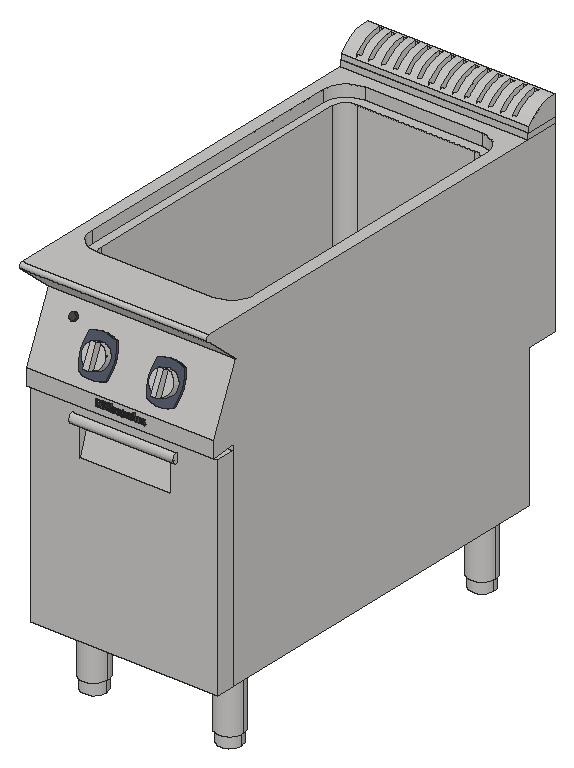
Revit family "QF_ELECTROLUXPROFESSIONAL_391273_E9PCED1MFV", category Specialty Equipment, Revit 2018
Family settings
  Round Connector Dimension = Use Diameter
  Part Type = Normal
  Work Plane-Based = No
  Always vertical = Yes
  Cut with Voids When Loaded = No
  Shared = No
  Room Calculation Point = No
Parameters (values of type "Standard")
  Weight = 62.00 kg
  Watts = 0 W
  Volts = 380 V
  URL Manufacturer = "http://professional.electrolux.com"
  URL = "http://professional.electrolux.com"
  Steam Supply Size = 0"
  Steam Supply Minimum Pressure = 0.00 psi
  Steam Supply Maximum Pressure = 0.00 psi
  Steam Pounds per Hour = 0
  Show Logo [instance] = yes
  Show Clearance [instance] = yes
  Refrigeration Suction Line Size = 0 mm
  Refrigeration Liquid Line Size = 0 mm
  Refrigerant Compressor Remote = yes
  Phase = 3
  Model = "E9PCED1MFV"
  Manufacturer = "Electrolux Professional"
  Length Actual = 400 mm  # constant formula
  Item Number = "391273"
  Hot Water Size = 0"
  Height Actual = 850 mm  # constant formula
  HP = "13.4 HP"
  Gas Size = 0"
  Gas KW = 0
  Gas Input Pressure = 0.0 Btu/h
  Direct Waste Size = 1"
  Description = "ELECTRIC PASTA COOKER1X40LT WELL W/ESD"
  Depth Actual = 930 mm  # constant formula
  Cycle = 50 Hz
  Condensate Return Size = 0"
  Compressed Air Volume = 0 GPM
  Compressed Air Size = 0"
  Compressed Air Pressure = 0.00 psi
  Cold Water Size = 3/4"
  Accessory = yes
Reference planes
  plane 1 "BACK": y = 0
  plane 2: z = 0
  plane 3 "LEFT": x = 0
  plane 4 "RIGHT": x = 400
  plane 5 "FRONT": y = -930
  plane 6 "TOP": z = 908
  plane 7 "Center Y": x = 200
  plane 8 "Center X": y = -465
  plane 9 "BASE": z = 601.763
  plane 10 "TOP A": z = 851
  plane 11: z = 150
  plane 12: y = -126
  plane 13: y = -800
  plane 14: y = -1273
  plane 15: x = 345
  plane 16: x = 55
  plane 17: y = -1273
  plane 18: x = 232
  plane 19: x = 334.782
  plane 20: x = 240
  plane 21: x = 240
Forms (mm)
  Extrusion 1, solid, material "QF_Finishes_Stainless Steel"
    sketch origin (0, 0, 0) x (0, 1, 0) y (0, 0, 1)
      loop
        line (0, 851) -> (-923.65, 851)
        arc (-923.65, 851) -> (-929.517, 847.08) -> (-928.14, 840.16) r 6.35
        line (-928.14, 840.16) -> (-852.034, 773.495) -> (-912.145, 642.892) -> (-912.145, 608.853) -> (-858.773, 614.463) -> (-858.773, 150) -> (-70, 150) -> (-70, 451.763) -> (0, 451.763) -> (0, 851)
      loop
        line (-900, 601.763) -> (-900, 150) -> (-860.361, 150) -> (-860.361, 601.763) -> (-900, 601.763)
    from 0 to 400
  Extrusion 2, void
    sketch origin (0, 0, 851) x (-1, 0, 0) y (0, -1, 0)
      loop
        arc (-75, 101.89) -> (-39.645, 116.535) -> (-25, 151.89) r 50
        line (-25, 151.89) -> (-25, 770)
        arc (-25, 770) -> (-39.645, 805.355) -> (-75, 820) r 50
        line (-75, 820) -> (-325, 820)
        arc (-325, 820) -> (-360.355, 805.355) -> (-375, 770) r 50
        line (-375, 770) -> (-375, 151.89)
        arc (-375, 151.89) -> (-360.355, 116.535) -> (-325, 101.89) r 50
        line (-325, 101.89) -> (-75, 101.89)
    from 0 to -25
  Extrusion 3, solid, material "QF_Clearances", visible <- "Show Clearance", detail levels coarse
    sketch origin (0, 0, 0) x (1, 0, 0) y (0, 1, 0)
      loop
        line (0, -930) -> (0, 0) -> (400, 0) -> (400, -930) -> (550.019, -930) -> (550.019, 150.019) -> (-150.019, 150.019) -> (-150.019, -930) -> (0, -930)
    from 0 to 908
  Revolve 4, solid, material "QF_Finishes_Stainless Steel"
    sketch origin (0, -126, 608.09) x (0, 0, 1) y (-1, 0, 0)
      loop
        line (-608.09, -55) -> (-458.09, -55) -> (-458.09, -26) -> (-583.09, -26) -> (-583.09, -28.75) -> (-608.09, -28.75) -> (-608.09, -55)
      axis (-608.09, -55) -> (-458.09, -55)
    angle from 0 to 360
  Revolve 5, solid, material "QF_Finishes_Stainless Steel"
    sketch origin (400.05, -126, 608.09) x (0, 0, 1) y (-1, 0, 0)
      loop
        line (-608.09, 55.05) -> (-608.09, 29.8) -> (-583.09, 29.8) -> (-583.09, 26.05) -> (-458.09, 26.05) -> (-458.09, 55.05) -> (-608.09, 55.05)
      axis (-608.09, 55.05) -> (-458.09, 55.05)
    angle from 0 to 360
  Extrusion 6, solid, material "QF_Door-Drawer Clearances", visible <- "Show Clearance", detail levels coarse
    sketch origin (0, 0, 851) x (-1, 0, 0) y (0, -1, 0)
      loop
        line (-400, 1273) -> (-400, 900) -> (-0.912, 900)
        arc (-0.912, 900) -> (-126.87, 1165.233) -> (-400, 1273) r 400
    from -701 to -249.237
  Revolve 7, solid, material "QF_Finishes_Stainless Steel"
    sketch origin (400.05, -800, 608.09) x (0, 0, 1) y (-1, 0, 0)
      loop
        line (-608.09, 55.05) -> (-608.09, 29.8) -> (-583.09, 29.8) -> (-583.09, 26.05) -> (-458.09, 26.05) -> (-458.09, 55.05) -> (-608.09, 55.05)
      axis (-608.09, 55.05) -> (-458.09, 55.05)
    angle from 0 to 360
  Extrusion 8, solid, material "QF_Finishes_Stainless Steel"
    sketch origin (200, 0, 0) x (0, 1, 0) y (0, 0, 1)
      loop
        line (-71.89, 863.9) -> (-71.89, 851) -> (0, 851) -> (0, 863.9) -> (-71.89, 863.9)
    from -200 to 200
  Extrusion 9, void
    sketch origin (200, -12.863, 0) x (0, 1, 0) y (0, 0, 1)
      loop
        line (-887.138, 564.263) -> (-887.138, 500.55) -> (-863.948, 564.263) -> (-887.138, 564.263)
    from -96.424 to 99.144
  Extrusion 10, solid, material "QF_Finishes_Stainless Steel"
    sketch origin (200, -12.863, 22.5) x (0, 1, 0) y (0, 0, 1)
      loop
        line (-887.137, 541.763) -> (-887.137, 561.763)
        arc (-887.137, 561.763) -> (-897.137, 551.763) -> (-887.137, 541.763) r 10
    from -110.529 to 112.106
  Revolve 11, solid, material "QF_Finishes_Stainless Steel"
    sketch origin (0, -800, 608.09) x (0, 0, 1) y (1, 0, 0)
      loop
        line (-608.09, 55) -> (-608.09, 28.75) -> (-583.09, 28.75) -> (-583.09, 26) -> (-458.09, 26) -> (-458.09, 55) -> (-608.09, 55)
      axis (-608.09, 55) -> (-458.09, 55)
    angle from 0 to 360
  Extrusion 12, solid, material "QF_Finishes_Stainless Steel"
    sketch origin (0, 0, 574.263) x (0, 1, 0) y (0, 0, 1)
      loop
        line (0, 289.638) -> (0, 333.737)
        arc (0, 333.737) -> (-39.336, 326.03) -> (-69.85, 300.038) r 79.141
        line (-69.85, 300.038) -> (-69.85, 289.638) -> (0, 289.638)
    from 0 to 400
  Extrusion 13, void
    sketch origin (0, 0, 848.9) x (0, -1, 0) y (1, 0, 0)
      loop
        line (6.761, 28.703) -> (63.911, 28.703) -> (63.911, 37.999) -> (6.761, 37.999) -> (6.761, 28.703)
      loop
        line (63.911, 63.487) -> (6.761, 63.487) -> (6.761, 54.191) -> (63.911, 54.191) -> (63.911, 63.487)
      loop
        line (63.911, 89.975) -> (6.761, 89.975) -> (6.761, 80.68) -> (63.911, 80.68) -> (63.911, 89.975)
      loop
        line (63.911, 115.464) -> (6.761, 115.464) -> (6.761, 106.168) -> (63.911, 106.168) -> (63.911, 115.464)
      loop
        line (63.911, 140.952) -> (6.761, 140.952) -> (6.761, 131.656) -> (63.911, 131.656) -> (63.911, 140.952)
      loop
        line (63.911, 166.44) -> (6.761, 166.44) -> (6.761, 157.145) -> (63.911, 157.145) -> (63.911, 166.44)
      loop
        line (63.911, 191.929) -> (6.761, 191.929) -> (6.761, 182.633) -> (63.911, 182.633) -> (63.911, 191.929)
      loop
        line (63.911, 217.417) -> (6.761, 217.417) -> (6.761, 208.121) -> (63.911, 208.121) -> (63.911, 217.417)
      loop
        line (63.911, 242.905) -> (6.761, 242.905) -> (6.761, 233.61) -> (63.911, 233.61) -> (63.911, 242.905)
      loop
        line (63.911, 268.394) -> (6.761, 268.394) -> (6.761, 259.098) -> (63.911, 259.098) -> (63.911, 268.394)
      loop
        line (63.911, 293.882) -> (6.761, 293.882) -> (6.761, 284.586) -> (63.911, 284.586) -> (63.911, 293.882)
      loop
        line (63.911, 319.37) -> (6.761, 319.37) -> (6.761, 310.075) -> (63.911, 310.075) -> (63.911, 319.37)
      loop
        line (63.911, 345.859) -> (6.761, 345.859) -> (6.761, 336.563) -> (63.911, 336.563) -> (63.911, 345.859)
      loop
        line (63.911, 370.347) -> (6.761, 370.347) -> (6.761, 361.051) -> (63.911, 361.051) -> (63.911, 370.347)
    from 25.4 to 63.5
  Extrusion 14, solid, material "QF_Finishes_Navy Blue", visible <- "Show Logo"
    sketch origin (0, -912.145, 608.853) x (0, 0, 1) y (-1, 0, 0)
      loop
        line (27.359, -159.055) -> (14.993, -159.055)
        arc (14.993, -159.055) -> (21.176, -163.626) -> (27.359, -159.055) r 6.467
      loop
        arc (27.359, -158.426) -> (26.19, -153.283) -> (21.534, -150.805) r 6.338
        line (21.534, -150.805) -> (21.534, -152.851)
        arc (21.534, -152.851) -> (23.018, -156.506) -> (26.464, -158.426) r 5.941
        line (26.464, -158.426) -> (27.359, -158.426)
      loop
        arc (15.888, -158.426) -> (19.334, -156.506) -> (20.817, -152.851) r 5.941
        line (20.817, -152.851) -> (20.817, -150.805)
        arc (20.817, -150.805) -> (16.123, -153.279) -> (14.834, -158.426) r 6.504
        line (14.834, -158.426) -> (15.888, -158.426)
      loop
        line (28.034, -150.336) -> (14.29, -150.336) -> (14.29, -164.099) -> (28.034, -164.099) -> (28.034, -150.336)
      loop
        arc (28.118, -167.066) -> (27.77, -166.709) -> (27.403, -167.047) r 0.358
        arc (27.403, -167.047) -> (27.089, -167.797) -> (26.372, -168.182) r 1.216
        line (26.372, -168.182) -> (15.959, -168.182)
        arc (15.959, -168.182) -> (15.299, -167.904) -> (14.903, -167.308) r 1.238
        arc (14.903, -167.308) -> (14.509, -167.057) -> (14.203, -167.411) r 0.358
        line (14.203, -167.411) -> (14.203, -177.29) -> (16.954, -177.29) -> (16.954, -176.393)
        arc (16.954, -176.393) -> (16.045, -175.813) -> (15.589, -174.836) r 1.928
        line (15.589, -174.836) -> (15.589, -172.337)
        arc (15.589, -172.337) -> (15.865, -171.608) -> (16.553, -171.244) r 1.101
        line (16.553, -171.244) -> (20.64, -171.244) -> (20.64, -174.917)
        arc (20.64, -174.917) -> (20.287, -175.414) -> (19.722, -175.642) r 1.083
        arc (19.722, -175.642) -> (19.459, -175.948) -> (19.751, -176.226) r 0.292
        line (19.751, -176.226) -> (22.713, -176.226)
        arc (22.713, -176.226) -> (23.016, -175.953) -> (22.777, -175.623) r 0.305
        arc (22.777, -175.623) -> (22.286, -175.375) -> (21.981, -174.917) r 1.083
        line (21.981, -174.917) -> (21.981, -171.244) -> (26.659, -171.244) -> (26.659, -174.991)
        arc (26.659, -174.991) -> (26.444, -175.747) -> (25.838, -176.245) r 1.314
        arc (25.838, -176.245) -> (25.619, -176.649) -> (25.973, -176.941) r 0.361
        line (25.973, -176.941) -> (28.118, -176.941) -> (28.118, -167.066)
      loop
        arc (27.4, -177.722) -> (27.02, -178.641) -> (26.101, -179.021) r 1.299
        line (26.101, -179.021) -> (16.522, -179.021)
        arc (16.522, -179.021) -> (15.684, -178.643) -> (15.413, -177.765) r 1.118
        line (15.413, -177.765) -> (14.203, -177.765) -> (14.203, -183.115) -> (15.391, -183.115)
        arc (15.391, -183.115) -> (15.663, -182.198) -> (16.533, -181.802) r 1.153
        line (16.533, -181.802) -> (28.605, -181.802) -> (27.4, -177.722)
      loop
        line (19.168, -185.751) -> (19.168, -192.198) -> (19.967, -192.198)
        arc (19.967, -192.198) -> (22.547, -191.214) -> (23.816, -188.76) r 3.874
        line (23.816, -188.76) -> (23.816, -187)
        arc (23.816, -187) -> (22.629, -184.135) -> (19.765, -182.949) r 4.051
        line (19.765, -182.949) -> (17.757, -182.949)
        arc (17.757, -182.949) -> (14.938, -184.434) -> (13.887, -187.441) r 4.352
        arc (13.887, -187.441) -> (14.251, -189.904) -> (15.629, -191.978) r 5.713
        line (15.629, -191.978) -> (16.578, -191.978)
        arc (16.578, -191.978) -> (15.845, -190.409) -> (15.629, -188.691) r 5.579
        arc (15.629, -188.691) -> (16.422, -186.728) -> (18.301, -185.751) r 3.057
        line (18.301, -185.751) -> (19.168, -185.751)
      loop
        line (20.427, -185.751) -> (20.427, -189.333)
        arc (20.427, -189.333) -> (21.884, -189.38) -> (22.767, -188.221) r 1.59
        line (22.767, -188.221) -> (22.767, -187.391)
        arc (22.767, -187.391) -> (21.902, -186.136) -> (20.427, -185.751) r 2.184
      loop
        arc (23.218, -201.616) -> (23.707, -199.942) -> (23.864, -198.205) r 9.023
        line (23.864, -198.205) -> (23.864, -196.843)
        arc (23.864, -196.843) -> (22.705, -194.043) -> (19.905, -192.883) r 3.959
        line (19.905, -192.883) -> (17.305, -192.883)
        arc (17.305, -192.883) -> (15.023, -194.176) -> (13.906, -196.549) r 4.331
        line (13.906, -196.549) -> (13.906, -198.684)
        arc (13.906, -198.684) -> (14.414, -200.234) -> (15.336, -201.58) r 5.772
        arc (15.336, -201.58) -> (16.098, -201.631) -> (16.184, -200.872) r 0.553
        arc (16.184, -200.872) -> (15.796, -200.138) -> (15.662, -199.319) r 2.573
        line (15.662, -199.319) -> (15.662, -197.804)
        arc (15.662, -197.804) -> (16.668, -196.162) -> (18.483, -195.52) r 2.884
        line (18.483, -195.52) -> (19.762, -195.52)
        arc (19.762, -195.52) -> (21.583, -196.08) -> (22.509, -197.745) r 2.554
        line (22.509, -197.745) -> (22.509, -198.798)
        arc (22.509, -198.798) -> (22.178, -199.726) -> (21.521, -200.461) r 2.564
        arc (21.521, -200.461) -> (21.299, -201.178) -> (21.909, -201.616) r 0.643
        line (21.909, -201.616) -> (23.218, -201.616)
      loop
        line (22.2, -201.886) -> (22.2, -203.387) -> (16.152, -203.387)
        arc (16.152, -203.387) -> (14.564, -204.045) -> (13.906, -205.633) r 2.246
        line (13.906, -205.633) -> (13.906, -207.217)
        arc (13.906, -207.217) -> (14.22, -208.081) -> (14.72, -208.853) r 4.06
        arc (14.72, -208.853) -> (15.453, -208.986) -> (15.704, -208.285) r 0.576
        arc (15.704, -208.285) -> (15.598, -207.759) -> (15.662, -207.227) r 1.69
        arc (15.662, -207.227) -> (16.204, -206.439) -> (17.11, -206.136) r 1.506
        line (17.11, -206.136) -> (22.248, -206.136) -> (22.248, -208.533) -> (22.805, -209.089) -> (23.626, -209.089) -> (23.626, -206.23) -> (26.857, -206.23) -> (22.2, -201.886)
      loop
        line (14.124, -209.987) -> (14.124, -215.374) -> (15.234, -215.374)
        arc (15.234, -215.374) -> (15.627, -214.423) -> (16.578, -214.029) r 1.345
        line (16.578, -214.029) -> (20.195, -214.029)
        arc (20.195, -214.029) -> (20.959, -214.621) -> (21.249, -215.543) r 1.615
        line (21.249, -215.543) -> (21.249, -217.099) -> (23.805, -217.784) -> (23.805, -216.401) -> (21.862, -213.842) -> (23.742, -213.842) -> (23.458, -211.136)
        arc (23.458, -211.136) -> (23.018, -210.606) -> (22.359, -210.807) r 0.621
        arc (22.359, -210.807) -> (21.959, -211.149) -> (21.465, -211.332) r 1.501
        line (21.465, -211.332) -> (16.578, -211.332)
        arc (16.578, -211.332) -> (15.627, -210.938) -> (15.234, -209.987) r 1.345
        line (15.234, -209.987) -> (14.124, -209.987)
      loop
        line (20.225, -217.321) -> (17.533, -217.321)
        arc (17.533, -217.321) -> (15.088, -218.629) -> (13.954, -221.159) r 4.288
        arc (13.954, -221.159) -> (13.89, -222.54) -> (13.954, -223.92) r 15.022
        arc (13.954, -223.92) -> (15.088, -226.451) -> (17.533, -227.758) r 4.288
        line (17.533, -227.758) -> (20.225, -227.758)
        arc (20.225, -227.758) -> (22.671, -226.451) -> (23.805, -223.92) r 4.288
        arc (23.805, -223.92) -> (23.868, -222.54) -> (23.805, -221.159) r 15.022
        arc (23.805, -221.159) -> (22.671, -218.629) -> (20.225, -217.321) r 4.288
      loop
        line (20.43, -220.435) -> (17.328, -220.435)
        arc (17.328, -220.435) -> (15.171, -222.592) -> (17.328, -224.749) r 2.157
        line (17.328, -224.749) -> (20.43, -224.749)
        arc (20.43, -224.749) -> (22.587, -222.592) -> (20.43, -220.435) r 2.157
      loop
        arc (27.411, -227.616) -> (27.041, -228.51) -> (26.147, -228.881) r 1.264
        line (26.147, -228.881) -> (16.282, -228.881)
        arc (16.282, -228.881) -> (15.412, -228.484) -> (15.141, -227.568) r 1.153
        line (15.141, -227.568) -> (14.203, -227.568) -> (14.203, -232.676) -> (15.131, -232.676)
        arc (15.131, -232.676) -> (15.49, -231.904) -> (16.282, -231.589) r 1.153
        line (16.282, -231.589) -> (28.605, -231.589) -> (27.411, -227.616)
      loop
        arc (22.531, -232.213) -> (22.332, -233.278) -> (21.363, -233.76) r 1.215
        line (21.363, -233.76) -> (16.343, -233.76)
        arc (16.343, -233.76) -> (14.728, -234.407) -> (14.008, -235.99) r 2.338
        line (14.008, -235.99) -> (14.008, -237.505)
        arc (14.008, -237.505) -> (14.182, -238.509) -> (14.684, -239.395) r 2.979
        line (14.684, -239.395) -> (14.203, -241.192) -> (14.203, -242.88) -> (23.629, -242.88) -> (23.335, -238.677) -> (22.548, -238.677)
        arc (22.548, -238.677) -> (22.192, -239.513) -> (21.44, -240.022) r 1.605
        line (21.44, -240.022) -> (16.337, -240.022)
        arc (16.337, -240.022) -> (15.917, -239.085) -> (15.844, -238.061) r 2.94
        arc (15.844, -238.061) -> (16.405, -236.96) -> (17.558, -236.517) r 1.724
        line (17.558, -236.517) -> (23.755, -236.517) -> (22.531, -232.213)
      loop
        line (23.559, -243.734) -> (21.887, -245.78) -> (18.713, -248.086) -> (15.257, -244.974)
        arc (15.257, -244.974) -> (15.02, -244.58) -> (15.042, -244.121) r 0.789
        line (15.042, -244.121) -> (14.203, -244.121) -> (14.203, -247.666) -> (15.029, -247.666)
        arc (15.029, -247.666) -> (15.372, -247.304) -> (15.862, -247.396) r 0.52
        line (15.862, -247.396) -> (17.661, -248.867) -> (15.543, -250.242)
        arc (15.543, -250.242) -> (15.142, -249.932) -> (15.055, -249.433) r 0.7
        line (15.055, -249.433) -> (14.203, -249.433) -> (14.203, -255.36) -> (15.09, -255.36)
        arc (15.09, -255.36) -> (15.157, -254.701) -> (15.552, -254.17) r 1.247
        line (15.552, -254.17) -> (19.751, -250.889) -> (22.198, -252.942) -> (23.559, -254.684) -> (23.559, -250.96) -> (22.074, -251.383) -> (20.553, -250.106) -> (22.253, -248.916) -> (23.559, -249.692) -> (23.559, -243.734)
    from 0 to 1.644
  Extrusion 15, void
    sketch origin (0, 0, 791) x (0, 1, 0) y (-1, 0, 0)
      loop
        arc (-121.89, -75) -> (-130.677, -53.787) -> (-151.89, -45) r 30
        line (-151.89, -45) -> (-606.643, -45)
        arc (-606.643, -45) -> (-627.856, -53.787) -> (-636.643, -75) r 30
        line (-636.643, -75) -> (-636.643, -325)
        arc (-636.643, -325) -> (-627.856, -346.213) -> (-606.643, -355) r 30
        line (-606.643, -355) -> (-151.89, -355)
        arc (-151.89, -355) -> (-130.677, -346.213) -> (-121.89, -325) r 30
        line (-121.89, -325) -> (-121.89, -75)
    from 35 to -339.237
  Extrusion 16, void
    sketch origin (0, -1273.285, 791) x (0, 1, 0) y (-1, 0, 0)
      loop
        line (473.285, -75) -> (473.285, -325)
        arc (473.285, -325) -> (482.072, -346.213) -> (503.285, -355) r 30
        line (503.285, -355) -> (666.643, -355)
        arc (666.643, -355) -> (645.429, -346.213) -> (636.643, -325) r 30
        line (636.643, -325) -> (636.643, -75)
        arc (636.643, -75) -> (645.429, -53.787) -> (666.643, -45) r 30
        line (666.643, -45) -> (503.285, -45)
        arc (503.285, -45) -> (482.072, -53.787) -> (473.285, -75) r 30
    from 35 to -189.237
  Extrusion 17, solid, material "QF_Finishes_Stainless Steel"
    sketch origin (0, 0, 0) x (1, 0, 0) y (0, 1, 0)
      loop
        circle (232, -780) r 12.7
    from 176 to 292.788
  Extrusion 18, solid, material "QF_Finishes_Stainless Steel"
    sketch origin (0, 0, 150) x (-1, 0, 0) y (0, 1, 0)
      loop
        circle (-240, -570) r 6.35
    from 0 to 10
  Extrusion 19, solid, material "QF_Finishes_Stainless Steel"
    sketch origin (152.628, 92.372, 0) x (1, 0, 0) y (0, 1, 0)
      loop
        circle (182.372, -792.372) r 9.525
    from 200 to 331.575
  Extrusion 20, solid, material "QF_Finishes_Navy Blue"
    sketch origin (-405.52, -913.486, 639.979) x (0, 0.418102, 0.9084) y (-1, 0, 0)
      loop
        arc (102.623, -510.47) -> (67.041, -502.846) -> (31.333, -509.853) r 90.5
        arc (31.333, -509.853) -> (24.507, -539.04) -> (31.333, -568.228) r 65.817
        arc (31.333, -568.228) -> (67.04, -575.188) -> (102.623, -567.615) r 91.066
        arc (102.623, -567.615) -> (109.179, -539.043) -> (102.623, -510.47) r 65.546
    from 0 to 3.175
  Extrusion 21, solid, material "QF_Finishes_Stainless Steel"
    sketch origin (-26.77, -917.2, 639.505) x (0, 0.418102, 0.9084) y (-1, 0, 0)
      loop
        circle (68.826, -160.963) r 25.4
    from 0 to 12.7
  Extrusion 22, solid, material "QF_Finishes_Stainless Steel"
    sketch origin (-26.77, -928.736, 644.814) x (0, 0.418102, 0.9084) y (-1, 0, 0)
      loop
        arc (93.558, -166.749) -> (94.226, -160.963) -> (93.558, -155.177) r 25.4
        line (93.558, -155.177) -> (44.094, -155.177)
        arc (44.094, -155.177) -> (43.426, -160.963) -> (44.094, -166.749) r 25.4
        line (44.094, -166.749) -> (93.558, -166.749)
    from 0 to 12.7
  Extrusion 23, solid, material "QF_Finishes_Navy Blue"
    sketch origin (-260.52, -913.486, 639.979) x (0, 0.418102, 0.9084) y (-1, 0, 0)
      loop
        arc (102.623, -510.47) -> (67.041, -502.846) -> (31.333, -509.853) r 90.5
        arc (31.333, -509.853) -> (24.507, -539.04) -> (31.333, -568.228) r 65.817
        arc (31.333, -568.228) -> (67.04, -575.188) -> (102.623, -567.615) r 91.066
        arc (102.623, -567.615) -> (109.179, -539.043) -> (102.623, -510.47) r 65.546
    from 0 to 3.175
  Extrusion 24, solid, material "QF_Finishes_Stainless Steel"
    sketch origin (118.23, -917.2, 639.505) x (0, 0.418102, 0.9084) y (-1, 0, 0)
      loop
        circle (68.826, -160.963) r 25.4
    from 0 to 12.7
  Extrusion 25, solid, material "QF_Finishes_Stainless Steel"
    sketch origin (118.23, -928.736, 644.814) x (0, 0.418102, 0.9084) y (-1, 0, 0)
      loop
        arc (93.558, -166.749) -> (94.226, -160.963) -> (93.558, -155.177) r 25.4
        line (93.558, -155.177) -> (44.094, -155.177)
        arc (44.094, -155.177) -> (43.426, -160.963) -> (44.094, -166.749) r 25.4
        line (44.094, -166.749) -> (93.558, -166.749)
    from 0 to 12.7
  Extrusion 26, solid, material "QF_Finishes_Black"
    sketch origin (-36.317, -915, 636.69) x (0, 0.418102, 0.9084) y (-1, 0, 0)
      loop
        circle (117.556, -101.317) r 7.5
    from 0 to 4
Cuts and joins
  Extrusion 2, Extrusion 9, Extrusion 15, Extrusion 16 cuts Extrusion 1
  Extrusion 13 cuts Extrusion 12
Lines and regions (mm)
  symbolic lines, style "QF_Clearances", visible <- "Show Clearance", detail levels coarse
    curve 1: line (-150.019, 150.019, 851) -> (-150.019, -930, 851)
    curve 2: line (550.019, 150.019, 851) -> (-150.019, 150.019, 851)
    curve 3: line (550.019, -930, 851) -> (550.019, 150.019, 851)
  symbolic lines
    curve 4: line (0, -930, 851) -> (0, 0, 851)
    curve 5: line (400, 0, 851) -> (400, -930, 851)
    curve 6: line (400, -930, 851) -> (0, -930, 851)
    curve 9: line (0, -71.89, 851) -> (400, -71.89, 851)
    curve 10: line (0, 0, 851) -> (400, 0, 851)
    curve 11: line (28.703, -6.761, 851) -> (37.999, -6.761, 851)
    curve 12: line (28.703, -63.911, 851) -> (28.703, -6.761, 851)
    curve 13: line (37.999, -63.911, 851) -> (28.703, -63.911, 851)
    curve 14: line (37.999, -6.761, 851) -> (37.999, -63.911, 851)
    curve 15: line (54.191, -6.761, 851) -> (63.487, -6.761, 851)
    curve 16: line (54.191, -63.911, 851) -> (54.191, -6.761, 851)
    curve 17: line (63.487, -63.911, 851) -> (54.191, -63.911, 851)
    curve 18: line (63.487, -6.761, 851) -> (63.487, -63.911, 851)
    curve 19: line (80.68, -6.761, 851) -> (89.975, -6.761, 851)
    curve 20: line (80.68, -63.911, 851) -> (80.68, -6.761, 851)
    curve 21: line (89.975, -63.911, 851) -> (80.68, -63.911, 851)
    curve 22: line (89.975, -6.761, 851) -> (89.975, -63.911, 851)
    curve 23: line (106.168, -6.761, 851) -> (115.464, -6.761, 851)
    curve 24: line (106.168, -63.911, 851) -> (106.168, -6.761, 851)
    curve 25: line (115.464, -63.911, 851) -> (106.168, -63.911, 851)
    curve 26: line (115.464, -6.761, 851) -> (115.464, -63.911, 851)
    curve 27: line (131.656, -6.761, 851) -> (140.952, -6.761, 851)
    curve 28: line (131.656, -63.911, 851) -> (131.656, -6.761, 851)
    curve 29: line (140.952, -63.911, 851) -> (131.656, -63.911, 851)
    curve 30: line (140.952, -6.761, 851) -> (140.952, -63.911, 851)
    curve 31: line (157.145, -6.761, 851) -> (166.44, -6.761, 851)
    curve 32: line (157.145, -63.911, 851) -> (157.145, -6.761, 851)
    curve 33: line (166.44, -63.911, 851) -> (157.145, -63.911, 851)
    curve 34: line (166.44, -6.761, 851) -> (166.44, -63.911, 851)
    curve 35: line (182.633, -6.761, 851) -> (191.929, -6.761, 851)
    curve 36: line (182.633, -63.911, 851) -> (182.633, -6.761, 851)
    curve 37: line (191.929, -63.911, 851) -> (182.633, -63.911, 851)
    curve 38: line (191.929, -6.761, 851) -> (191.929, -63.911, 851)
    curve 39: line (208.121, -6.761, 851) -> (218.417, -6.761, 851)
    curve 40: line (208.121, -63.911, 851) -> (208.121, -6.761, 851)
    curve 41: line (218.417, -63.911, 851) -> (208.121, -63.911, 851)
    curve 42: line (218.417, -6.761, 851) -> (218.417, -63.911, 851)
    curve 43: line (234.61, -6.761, 851) -> (243.905, -6.761, 851)
    curve 44: line (234.61, -63.911, 851) -> (234.61, -6.761, 851)
    curve 45: line (243.905, -63.911, 851) -> (234.61, -63.911, 851)
    curve 46: line (243.905, -6.761, 851) -> (243.905, -63.911, 851)
    curve 47: line (260.098, -6.761, 851) -> (269.394, -6.761, 851)
    curve 48: line (260.098, -63.911, 851) -> (260.098, -6.761, 851)
    curve 49: line (269.394, -63.911, 851) -> (260.098, -63.911, 851)
    curve 50: line (269.394, -6.761, 851) -> (269.394, -63.911, 851)
    curve 51: line (285.586, -6.761, 851) -> (294.882, -6.761, 851)
    curve 52: line (285.586, -63.911, 851) -> (285.586, -6.761, 851)
    curve 53: line (294.882, -63.911, 851) -> (285.586, -63.911, 851)
    curve 54: line (294.882, -6.761, 851) -> (294.882, -63.911, 851)
    curve 55: line (311.075, -6.761, 851) -> (320.37, -6.761, 851)
    curve 56: line (311.075, -63.911, 851) -> (311.075, -6.761, 851)
    curve 57: line (320.37, -63.911, 851) -> (311.075, -63.911, 851)
    curve 58: line (320.37, -6.761, 851) -> (320.37, -63.911, 851)
    curve 59: line (336.563, -6.761, 851) -> (345.859, -6.761, 851)
    curve 60: line (336.563, -63.911, 851) -> (336.563, -6.761, 851)
    curve 61: line (345.859, -63.911, 851) -> (336.563, -63.911, 851)
    curve 62: line (345.859, -6.761, 851) -> (345.859, -63.911, 851)
    curve 63: line (361.051, -6.761, 851) -> (370.347, -6.761, 851)
    curve 64: line (361.051, -63.911, 851) -> (361.051, -6.761, 851)
    curve 65: line (370.347, -63.911, 851) -> (361.051, -63.911, 851)
    curve 66: line (370.347, -6.761, 851) -> (370.347, -63.911, 851)
    curve 67: line (25, -770, 851) -> (25, -151.89, 851)
    curve 68: arc (25, -151.89, 851) -> (39.645, -116.535, 851) -> (75, -101.89, 851) r 50
    curve 69: line (75, -101.89, 851) -> (325, -101.89, 851)
    curve 70: arc (325, -101.89, 851) -> (360.355, -116.535, 851) -> (375, -151.89, 851) r 50
    curve 71: line (375, -151.89, 851) -> (375, -770, 851)
    curve 72: arc (375, -770, 851) -> (360.355, -805.355, 851) -> (325, -820, 851) r 50
    curve 73: line (325, -820, 851) -> (75, -820, 851)
    curve 74: arc (75, -820, 851) -> (39.645, -805.355, 851) -> (25, -770, 851) r 50
    curve 75: line (75, -121.89, 851) -> (325, -121.89, 851)
    curve 76: arc (325, -121.89, 851) -> (346.213, -130.677, 851) -> (355, -151.89, 851) r 30
    curve 77: line (355, -151.89, 851) -> (355, -770, 851)
    curve 78: arc (355, -770, 851) -> (346.213, -791.213, 851) -> (325, -800, 851) r 30
    curve 79: line (325, -800, 851) -> (75, -800, 851)
    curve 80: arc (75, -800, 851) -> (53.787, -791.213, 851) -> (45, -770, 851) r 30
    curve 81: line (45, -770, 851) -> (45, -151.89, 851)
    curve 82: arc (45, -151.89, 851) -> (53.787, -130.677, 851) -> (75, -121.89, 851) r 30
    curve 83: line (75, -636.643, 851) -> (325, -636.643, 851)
    curve 84: arc (45, -606.643, 851) -> (53.787, -627.856, 851) -> (75, -636.643, 851) r 30
    curve 85: arc (325, -636.643, 851) -> (346.213, -627.856, 851) -> (355, -606.643, 851) r 30
    curve 86: line (65, -606.643, 851) -> (65, -151.89, 851)
    curve 87: line (75, -616.643, 851) -> (325, -616.643, 851)
    curve 88: arc (65, -606.643, 851) -> (67.929, -613.714, 851) -> (75, -616.643, 851) r 10
    curve 89: arc (325, -616.643, 851) -> (332.071, -613.714, 851) -> (335, -606.643, 851) r 10
    curve 90: line (335, -151.89, 851) -> (335, -606.643, 851)
    curve 91: arc (325, -141.89, 851) -> (332.071, -144.819, 851) -> (335, -151.89, 851) r 10
    curve 92: line (75, -141.89, 851) -> (325, -141.89, 851)
    curve 93: arc (65, -151.89, 851) -> (67.929, -144.819, 851) -> (75, -141.89, 851) r 10
  symbolic lines, style "QF_Door-Drawer Clearances"
    curve 7: arc (4.082, -930, 851) -> (23.737, -1008.742, 851) -> (58.881, -1081.897, 851) r 400
    curve 8: line (58.881, -1081.897, 851) -> (326.76, -930, 851)
Dimensions and locks
  equal spacing: plane 3 "LEFT", plane 7 "Center Y", plane 4 "RIGHT"
  plane 3 "LEFT" to plane 4 "RIGHT" = 400 mm
  equal spacing: plane 5 "FRONT", plane 8 "Center X", plane 1 "BACK"
  plane 5 "FRONT" to plane 1 "BACK" = 930 mm  (x2)
  plane 1 "BACK" to plane 5 "FRONT" = 930 mm
  plane 11 to level = 150 mm
  plane 1 "BACK" to plane 12 = 126 mm
  plane 12 to plane 13 to cut or joined group of Extrusion 1, Extrusion 2, Extrusion 9, Extrusion 15, Extrusion 16 = 674 mm, 100 mm
  locked: plane 14 to plane 5 "FRONT" at 343
  plane 4 "RIGHT" to plane 15 = 55 mm
  plane 16 to plane 3 "LEFT" = 55 mm
  plane 4 "RIGHT" to plane 3 "LEFT" = 400 mm
  plane 5 "FRONT" to plane 17 = 343 mm
  plane 1 "BACK" to curve 2 = 150.019 mm
  plane 4 "RIGHT" to curve 3 = 150.019 mm
  curve 1 to plane 3 "LEFT" = 150.019 mm
  plane 10 "TOP A" to level = 851 mm
  plane 10 "TOP A" to plane 11 = 701 mm
  plane 10 "TOP A" to plane 11 to level = 701 mm, 150 mm
  plane 6 "TOP" to level = 908 mm
  plane 15 to plane 16 = 290 mm
  plane 3 "LEFT" to Extrusion 17 sketch curve = 232 mm
  Extrusion 17 sketch curve to plane 1 "BACK" = 780 mm
  cut or joined group of Extrusion 1, Extrusion 2, Extrusion 9, Extrusion 15, Extrusion 16 to Extrusion 17 = 26 mm
  plane 3 "LEFT" to Extrusion 18 sketch curve = 240 mm
  Extrusion 18 sketch curve to plane 1 "BACK" = 570 mm
  Extrusion 18 to plane 1 "BACK" = 570 mm
  Extrusion 17 to plane 1 "BACK" = 780 mm
  plane 3 "LEFT" to plane 18 = 232 mm
  plane 19 to plane 4 "RIGHT" = 65.218 mm
  Extrusion 19 to plane 1 "BACK" = 700 mm
  cut or joined group of Extrusion 1, Extrusion 2, Extrusion 9, Extrusion 15, Extrusion 16 to Extrusion 19 = 50 mm
  plane 1 "BACK" to Extrusion 19 = 700 mm
  plane 1 "BACK" to Extrusion 18 = 570 mm
  plane 1 "BACK" to Extrusion 17 = 780 mm
  Extrusion 19 to plane 11 = 50 mm
  plane 3 "LEFT" to plane 21 = 240 mm
  aligned and locked: level to plane 2
  aligned and locked: plane 4 "RIGHT" to Extrusion 1
  aligned and locked: plane 6 "TOP" to Extrusion 3
  aligned and locked: plane 13 to Revolve 7
  aligned and locked: plane 12 to Revolve 4
  aligned and locked: plane 12 to Revolve 5
  aligned and locked: plane 4 "RIGHT" to Extrusion 8
  aligned and locked: plane 14 to Extrusion 6 sketch curve
  aligned and locked: plane 13 to Revolve 11
Automatic sketch dimensions
  Extrusion 1 sketch curve to plane 10 "TOP A" = 0 mm
  Extrusion 1 sketch curve to plane 9 "BASE" = 0 mm
  Extrusion 1 sketch curve to plane 11 = 0 mm  (x2)
  Extrusion 1 sketch curve to plane 1 "BACK" = 0 mm
  Extrusion 1 sketch curve to plane 12 = 56 mm
  plane 13 to Extrusion 1 sketch curve = 52.034 mm
  plane 13 to Extrusion 1 sketch curve = 58.773 mm
  Extrusion 1 sketch curve to Extrusion 1 sketch curve = 1.588 mm
  Extrusion 1 sketch curve to plane 5 "FRONT" = 30 mm
  plane 9 "BASE" to Extrusion 1 sketch curve = 7.09 mm
  Extrusion 1 sketch curve to Extrusion 1 sketch curve = 12.145 mm
  Extrusion 1 sketch curve to plane 5 "FRONT" = 6.35 mm
  Extrusion 1 sketch curve to plane 5 "FRONT" = 1.86 mm
  Extrusion 1 sketch curve to plane 9 "BASE" = 150 mm
  plane 9 "BASE" to Extrusion 1 sketch curve = 12.7 mm
  Extrusion 1 sketch curve to Extrusion 1 sketch curve = 34.039 mm
  Extrusion 1 sketch curve to plane 10 "TOP A" = 77.505 mm
  Extrusion 1 sketch curve to plane 10 "TOP A" = 10.84 mm
  Extrusion 2 sketch curve to plane 4 "RIGHT" = 25 mm
  plane 19 to Extrusion 2 sketch curve = 9.782 mm  (x2)
  plane 3 "LEFT" to Extrusion 2 sketch curve = 25 mm
  Extrusion 2 sketch curve to plane 12 = 24.11 mm
  Extrusion 2 sketch curve to plane 13 = 30 mm
  plane 5 "FRONT" to Extrusion 3 sketch curve = 0 mm  (x2)
  plane 1 "BACK" to Extrusion 3 sketch curve = 0 mm
  Extrusion 3 sketch curve to plane 3 "LEFT" = 0 mm
  Extrusion 3 sketch curve to plane 4 "RIGHT" = 0 mm
  Extrusion 3 sketch curve to plane 3 "LEFT" = 150.019 mm
  plane 4 "RIGHT" to Extrusion 3 sketch curve = 150.019 mm
  Extrusion 3 sketch curve to plane 1 "BACK" = 150.019 mm
  Revolve 4 sketch curve to level = 0 mm
  Revolve 4 sketch curve to plane 11 = 0 mm  (x2)
  Revolve 4 sketch curve to plane 16 = 0 mm  (x2)
  level to Revolve 4 sketch curve = 25 mm
  plane 11 to Revolve 4 sketch curve = 20 mm
  Revolve 4 sketch curve to plane 16 = 26.25 mm
  plane 3 "LEFT" to Revolve 4 sketch curve = 26 mm
  Revolve 5 sketch curve to level = 0 mm
  Revolve 5 sketch curve to plane 11 = 0 mm  (x2)
  Revolve 5 sketch curve to plane 15 = 0 mm  (x2)
  level to Revolve 5 sketch curve = 25 mm
  plane 11 to Revolve 5 sketch curve = 20 mm
  plane 15 to Revolve 5 sketch curve = 25.25 mm
  Revolve 5 sketch curve to plane 4 "RIGHT" = 26 mm
  Extrusion 6 sketch curve to plane 4 "RIGHT" = 0 mm
  plane 3 "LEFT" to Extrusion 6 sketch curve = 0.912 mm
  Extrusion 6 sketch curve to plane 5 "FRONT" = 30 mm
  Revolve 7 sketch curve to level = 0 mm
  Revolve 7 sketch curve to plane 11 = 0 mm  (x2)
  Revolve 7 sketch curve to plane 15 = 0 mm  (x2)
  level to Revolve 7 sketch curve = 25 mm
  plane 11 to Revolve 7 sketch curve = 20 mm
  plane 15 to Revolve 7 sketch curve = 25.25 mm
  Revolve 7 sketch curve to plane 4 "RIGHT" = 26 mm
  Extrusion 8 sketch curve to plane 10 "TOP A" = 0 mm
  Extrusion 8 sketch curve to plane 1 "BACK" = 0 mm
  plane 10 "TOP A" to Extrusion 8 sketch curve = 12.9 mm
  Extrusion 8 sketch curve to plane 12 = 54.11 mm
  Extrusion 9 sketch curve to plane 5 "FRONT" = 30 mm
  Extrusion 9 sketch curve to Extrusion 9 sketch curve = 23.189 mm
  Extrusion 9 sketch curve to plane 9 "BASE" = 101.212 mm
  Extrusion 9 sketch curve to plane 9 "BASE" = 37.5 mm
  Extrusion 10 sketch curve to plane 5 "FRONT" = 30 mm
  Extrusion 10 sketch curve to plane 9 "BASE" = 37.5 mm
  Extrusion 10 sketch curve to Extrusion 10 sketch curve = 10 mm
  Revolve 11 sketch curve to level = 0 mm
  Revolve 11 sketch curve to plane 11 = 0 mm  (x2)
  Revolve 11 sketch curve to plane 16 = 0 mm  (x2)
  level to Revolve 11 sketch curve = 25 mm
  plane 11 to Revolve 11 sketch curve = 20 mm
  Revolve 11 sketch curve to plane 16 = 26.25 mm
  plane 3 "LEFT" to Revolve 11 sketch curve = 26 mm
  Extrusion 12 sketch curve to plane 1 "BACK" = 0 mm
  Extrusion 12 sketch curve to plane 6 "TOP" = 0 mm
  plane 1 "BACK" to Extrusion 12 sketch curve = 4.947 mm
  plane 10 "TOP A" to Extrusion 12 sketch curve = 23.3 mm
  plane 1 "BACK" to Extrusion 12 sketch curve = 69.85 mm
  plane 10 "TOP A" to Extrusion 12 sketch curve = 12.9 mm
  plane 1 "BACK" to Extrusion 13 sketch curve = 6.761 mm  (x14)
  Extrusion 13 sketch curve to plane 19 = 1.781 mm
  Extrusion 13 sketch curve to plane 18 = 1.61 mm
  plane 18 to Extrusion 13 sketch curve = 14.583 mm
  Extrusion 13 sketch curve to Extrusion 13 sketch curve = 57.15 mm
  Extrusion 13 sketch curve to plane 7 "Center Y" = 8.071 mm
  Extrusion 13 sketch curve to Extrusion 13 sketch curve = 0 mm  (x13)
  Extrusion 13 sketch curve to plane 18 = 10.905 mm
  plane 15 to Extrusion 13 sketch curve = 0.859 mm
  Extrusion 13 sketch curve to plane 16 = 0.809 mm
  Extrusion 13 sketch curve to Extrusion 13 sketch curve = 16.193 mm  (x7)
  Extrusion 13 sketch curve to Extrusion 13 sketch curve = 9.296 mm  (x10)
  plane 7 "Center Y" to Extrusion 13 sketch curve = 8.121 mm
  Extrusion 13 sketch curve to Extrusion 13 sketch curve = 15.193 mm
  plane 18 to Extrusion 14 sketch curve = 9.46 mm
  plane 9 "BASE" to Extrusion 14 sketch curve = 15.936 mm
  plane 9 "BASE" to Extrusion 14 sketch curve = 20.977 mm
  plane 7 "Center Y" to Extrusion 14 sketch curve = 7.217 mm
  Extrusion 14 sketch curve to Extrusion 14 sketch curve = 5.06 mm
  Extrusion 14 sketch curve to plane 7 "Center Y" = 3.451 mm
  Extrusion 14 sketch curve to Extrusion 14 sketch curve = 0 mm  (x28)
  Extrusion 14 sketch curve to Extrusion 14 sketch curve = 5.108 mm  (x2)
  Extrusion 14 sketch curve to plane 18 = 5.505 mm
  Extrusion 14 sketch curve to Extrusion 14 sketch curve = 0.054 mm
  Extrusion 14 sketch curve to Extrusion 14 sketch curve = 0.218 mm
  Extrusion 14 sketch curve to Extrusion 14 sketch curve = 0.195 mm
  Extrusion 14 sketch curve to Extrusion 14 sketch curve = 0.249 mm
  Extrusion 14 sketch curve to Extrusion 14 sketch curve = 0.316 mm
  Extrusion 14 sketch curve to Extrusion 14 sketch curve = 0.087 mm
  Extrusion 14 sketch curve to Extrusion 14 sketch curve = 0.358 mm
  Extrusion 14 sketch curve to Extrusion 14 sketch curve = 0.481 mm
  Extrusion 14 sketch curve to Extrusion 14 sketch curve = 0.597 mm
  Extrusion 14 sketch curve to Extrusion 14 sketch curve = 0.544 mm
  Extrusion 14 sketch curve to Extrusion 14 sketch curve = 0.936 mm
  Extrusion 14 sketch curve to Extrusion 14 sketch curve = 0.594 mm
  Extrusion 14 sketch curve to Extrusion 14 sketch curve = 0.343 mm
  Extrusion 14 sketch curve to Extrusion 14 sketch curve = 0.159 mm
  Extrusion 14 sketch curve to Extrusion 14 sketch curve = 0.826 mm
  Extrusion 14 sketch curve to Extrusion 14 sketch curve = 0.839 mm
  Extrusion 14 sketch curve to Extrusion 14 sketch curve = 0.852 mm
  Extrusion 14 sketch curve to Extrusion 14 sketch curve = 0.887 mm
  Extrusion 14 sketch curve to Extrusion 14 sketch curve = 0.928 mm
  Extrusion 14 sketch curve to Extrusion 14 sketch curve = 0.938 mm
  Extrusion 14 sketch curve to Extrusion 14 sketch curve = 0.444 mm
  Extrusion 14 sketch curve to Extrusion 14 sketch curve = 1.11 mm  (x3)
  Extrusion 14 sketch curve to plane 18 = 12.974 mm
  Extrusion 14 sketch curve to Extrusion 14 sketch curve = 0.215 mm
  plane 7 "Center Y" to Extrusion 14 sketch curve = 1.58 mm
  Extrusion 14 sketch curve to Extrusion 14 sketch curve = 1.43 mm
  Extrusion 14 sketch curve to Extrusion 14 sketch curve = 1.188 mm
  Extrusion 14 sketch curve to Extrusion 14 sketch curve = 1.21 mm  (x2)
  Extrusion 14 sketch curve to Extrusion 14 sketch curve = 0.503 mm
  Extrusion 14 sketch curve to Extrusion 14 sketch curve = 0.488 mm
  Extrusion 14 sketch curve to Extrusion 14 sketch curve = 0.462 mm
  Extrusion 14 sketch curve to Extrusion 14 sketch curve = 1.386 mm
  Extrusion 14 sketch curve to Extrusion 14 sketch curve = 1.742 mm  (x2)
  Extrusion 14 sketch curve to Extrusion 14 sketch curve = 0.821 mm
  Extrusion 14 sketch curve to Extrusion 14 sketch curve = 0.497 mm
  Extrusion 14 sketch curve to Extrusion 14 sketch curve = 0.539 mm
  Extrusion 14 sketch curve to Extrusion 14 sketch curve = 0.199 mm
  Extrusion 14 sketch curve to Extrusion 14 sketch curve = 0.408 mm
  Extrusion 14 sketch curve to Extrusion 14 sketch curve = 0.528 mm
  Extrusion 14 sketch curve to Extrusion 14 sketch curve = 1.16 mm
  Extrusion 14 sketch curve to Extrusion 14 sketch curve = 0.329 mm
  Extrusion 14 sketch curve to Extrusion 14 sketch curve = 1.054 mm
  Extrusion 14 sketch curve to Extrusion 14 sketch curve = 1.056 mm
  Extrusion 14 sketch curve to Extrusion 14 sketch curve = 0.129 mm
  Extrusion 14 sketch curve to Extrusion 14 sketch curve = 0.489 mm
  Extrusion 14 sketch curve to Extrusion 14 sketch curve = 0.441 mm
  plane 18 to Extrusion 14 sketch curve = 0.411 mm
  Extrusion 14 sketch curve to Extrusion 14 sketch curve = 1.151 mm
  Extrusion 14 sketch curve to Extrusion 14 sketch curve = 1.141 mm  (x2)
  Extrusion 14 sketch curve to Extrusion 14 sketch curve = 0.768 mm
  Extrusion 14 sketch curve to Extrusion 14 sketch curve = 1.653 mm
  Extrusion 14 sketch curve to Extrusion 14 sketch curve = 0.499 mm
  Extrusion 14 sketch curve to Extrusion 14 sketch curve = 0.964 mm
  Extrusion 14 sketch curve to Extrusion 14 sketch curve = 0.949 mm
  Extrusion 14 sketch curve to Extrusion 14 sketch curve = 1.345 mm  (x3)
  Extrusion 14 sketch curve to Extrusion 14 sketch curve = 1.101 mm
  Extrusion 14 sketch curve to Extrusion 14 sketch curve = 0.432 mm
  Extrusion 14 sketch curve to Extrusion 14 sketch curve = 1.142 mm
  Extrusion 14 sketch curve to Extrusion 14 sketch curve = 0.959 mm
  Extrusion 14 sketch curve to Extrusion 14 sketch curve = 0.176 mm
  Extrusion 14 sketch curve to Extrusion 14 sketch curve = 0.728 mm
  Extrusion 14 sketch curve to Extrusion 14 sketch curve = 3.375 mm  (x2)
  Extrusion 14 sketch curve to Extrusion 14 sketch curve = 0.541 mm
  Extrusion 14 sketch curve to Extrusion 14 sketch curve = 0.955 mm
  Extrusion 14 sketch curve to Extrusion 14 sketch curve = 1.251 mm
  Extrusion 14 sketch curve to Extrusion 14 sketch curve = 0.572 mm
  Extrusion 14 sketch curve to Extrusion 14 sketch curve = 1.92 mm
  Extrusion 14 sketch curve to Extrusion 14 sketch curve = 1.224 mm
  Extrusion 14 sketch curve to Extrusion 14 sketch curve = 0.745 mm
  Extrusion 14 sketch curve to Extrusion 14 sketch curve = 2.537 mm
  Extrusion 14 sketch curve to Extrusion 14 sketch curve = 0.896 mm  (x3)
  Extrusion 14 sketch curve to plane 7 "Center Y" = 0.681 mm
  Extrusion 14 sketch curve to Extrusion 14 sketch curve = 2.607 mm
  Extrusion 14 sketch curve to Extrusion 14 sketch curve = 0.066 mm
  Extrusion 14 sketch curve to Extrusion 14 sketch curve = 0.248 mm
  Extrusion 14 sketch curve to Extrusion 14 sketch curve = 0.449 mm
  Extrusion 14 sketch curve to Extrusion 14 sketch curve = 1.052 mm
  Extrusion 14 sketch curve to Extrusion 14 sketch curve = 1.863 mm
  Extrusion 14 sketch curve to Extrusion 14 sketch curve = 1.31 mm  (x2)
  Extrusion 14 sketch curve to Extrusion 14 sketch curve = 0.901 mm
  Extrusion 14 sketch curve to Extrusion 14 sketch curve = 1.107 mm
  Extrusion 14 sketch curve to Extrusion 14 sketch curve = 2.122 mm
  Extrusion 14 sketch curve to Extrusion 14 sketch curve = 2.101 mm
  Extrusion 14 sketch curve to Extrusion 14 sketch curve = 0.106 mm
  Extrusion 14 sketch curve to Extrusion 14 sketch curve = 0.029 mm
  Extrusion 14 sketch curve to Extrusion 14 sketch curve = 2.09 mm
  Extrusion 14 sketch curve to Extrusion 14 sketch curve = 1.279 mm
  Extrusion 14 sketch curve to Extrusion 14 sketch curve = 2.008 mm
  Extrusion 14 sketch curve to Extrusion 14 sketch curve = 0.738 mm
  Extrusion 14 sketch curve to Extrusion 14 sketch curve = 0.382 mm
  Extrusion 14 sketch curve to Extrusion 14 sketch curve = 0.384 mm
  Extrusion 14 sketch curve to Extrusion 14 sketch curve = 0.002 mm
  Extrusion 14 sketch curve to Extrusion 14 sketch curve = 0.561 mm
  Extrusion 14 sketch curve to Extrusion 14 sketch curve = 0.592 mm
  Extrusion 14 sketch curve to Extrusion 14 sketch curve = 2.692 mm
  Extrusion 14 sketch curve to Extrusion 14 sketch curve = 1.259 mm
  Extrusion 14 sketch curve to Extrusion 14 sketch curve = 0.802 mm
  Extrusion 14 sketch curve to Extrusion 14 sketch curve = 1.024 mm  (x2)
  Extrusion 14 sketch curve to Extrusion 14 sketch curve = 0.682 mm
  Extrusion 14 sketch curve to Extrusion 14 sketch curve = 5.934 mm
  Extrusion 14 sketch curve to Extrusion 14 sketch curve = 2.186 mm
  Extrusion 14 sketch curve to Extrusion 14 sketch curve = 0.337 mm
  Extrusion 14 sketch curve to Extrusion 14 sketch curve = 0.021 mm
  Extrusion 14 sketch curve to Extrusion 14 sketch curve = 1.005 mm
  Extrusion 14 sketch curve to Extrusion 14 sketch curve = 0.552 mm
  Extrusion 14 sketch curve to Extrusion 14 sketch curve = 0.778 mm
  Extrusion 14 sketch curve to Extrusion 14 sketch curve = 0.063 mm
  Extrusion 14 sketch curve to Extrusion 14 sketch curve = 1.023 mm
  Extrusion 14 sketch curve to plane 18 = 1.76 mm
  Extrusion 14 sketch curve to Extrusion 14 sketch curve = 3.804 mm
  Extrusion 14 sketch curve to Extrusion 14 sketch curve = 0.486 mm
  Extrusion 14 sketch curve to Extrusion 14 sketch curve = 0.266 mm
  plane 7 "Center Y" to Extrusion 14 sketch curve = 0.461 mm
  Extrusion 14 sketch curve to Extrusion 14 sketch curve = 1.547 mm
  Extrusion 14 sketch curve to Extrusion 14 sketch curve = 0.717 mm  (x2)
  Extrusion 14 sketch curve to Extrusion 14 sketch curve = 1.667 mm
  Extrusion 14 sketch curve to plane 18 = 13.78 mm
  Extrusion 14 sketch curve to Extrusion 14 sketch curve = 3.174 mm
  Extrusion 14 sketch curve to Extrusion 14 sketch curve = 0.388 mm
  Extrusion 14 sketch curve to Extrusion 14 sketch curve = 1.342 mm
  Extrusion 14 sketch curve to Extrusion 14 sketch curve = 1.521 mm
  Extrusion 14 sketch curve to Extrusion 14 sketch curve = 0.124 mm
  Extrusion 14 sketch curve to Extrusion 14 sketch curve = 0.291 mm
  plane 7 "Center Y" to Extrusion 14 sketch curve = 8.533 mm
  Extrusion 14 sketch curve to Extrusion 14 sketch curve = 1.049 mm  (x2)
  Extrusion 14 sketch curve to Extrusion 14 sketch curve = 1.7 mm
  Extrusion 14 sketch curve to Extrusion 14 sketch curve = 0.894 mm
  Extrusion 14 sketch curve to plane 7 "Center Y" = 1.202 mm
  Extrusion 14 sketch curve to Extrusion 14 sketch curve = 0.989 mm
  Extrusion 14 sketch curve to plane 18 = 0.213 mm
  Extrusion 14 sketch curve to Extrusion 14 sketch curve = 1.168 mm
  Extrusion 14 sketch curve to Extrusion 14 sketch curve = 1.594 mm
  Extrusion 14 sketch curve to Extrusion 14 sketch curve = 0.731 mm
  Extrusion 14 sketch curve to Extrusion 14 sketch curve = 1.566 mm
  Extrusion 14 sketch curve to Extrusion 14 sketch curve = 0.064 mm
  plane 7 "Center Y" to Extrusion 14 sketch curve = 9.089 mm
  Extrusion 14 sketch curve to Extrusion 14 sketch curve = 0.556 mm
  Extrusion 14 sketch curve to Extrusion 14 sketch curve = 0.48 mm
  Extrusion 14 sketch curve to Extrusion 14 sketch curve = 1.018 mm
  Extrusion 14 sketch curve to plane 18 = 6.677 mm
  Extrusion 14 sketch curve to Extrusion 14 sketch curve = 0.787 mm
  Extrusion 14 sketch curve to Extrusion 14 sketch curve = 0.618 mm
  Extrusion 14 sketch curve to plane 18 = 11.734 mm
  Extrusion 14 sketch curve to Extrusion 14 sketch curve = 1.672 mm
  Extrusion 14 sketch curve to Extrusion 14 sketch curve = 1.361 mm
  Extrusion 14 sketch curve to Extrusion 14 sketch curve = 0.822 mm
  Extrusion 14 sketch curve to Extrusion 14 sketch curve = 0.069 mm
  Extrusion 14 sketch curve to Extrusion 14 sketch curve = 1.88 mm
  Extrusion 14 sketch curve to plane 18 = 4.517 mm
  Extrusion 14 sketch curve to Extrusion 14 sketch curve = 0.42 mm
  Extrusion 14 sketch curve to Extrusion 14 sketch curve = 0.062 mm
  Extrusion 14 sketch curve to Extrusion 14 sketch curve = 1.355 mm
  Extrusion 14 sketch curve to Extrusion 14 sketch curve = 2.34 mm
  Extrusion 14 sketch curve to Extrusion 14 sketch curve = 0.493 mm
  Extrusion 14 sketch curve to Extrusion 14 sketch curve = 0.136 mm
  Extrusion 14 sketch curve to Extrusion 14 sketch curve = 0.128 mm
  plane 18 to Extrusion 14 sketch curve = 3.119 mm
  Extrusion 14 sketch curve to Extrusion 14 sketch curve = 3.616 mm
  Extrusion 14 sketch curve to Extrusion 14 sketch curve = 4.207 mm
  Extrusion 14 sketch curve to Extrusion 14 sketch curve = 0.183 mm
  Extrusion 14 sketch curve to Extrusion 14 sketch curve = 0.895 mm
  Extrusion 14 sketch curve to Extrusion 14 sketch curve = 1.314 mm
  Extrusion 14 sketch curve to Extrusion 14 sketch curve = 3.231 mm
  Extrusion 14 sketch curve to Extrusion 14 sketch curve = 1.299 mm
  Extrusion 14 sketch curve to Extrusion 14 sketch curve = 1.214 mm
  plane 18 to Extrusion 14 sketch curve = 4.384 mm
  Extrusion 14 sketch curve to Extrusion 14 sketch curve = 0.109 mm
  Extrusion 14 sketch curve to Extrusion 14 sketch curve = 0.357 mm
  Extrusion 14 sketch curve to Extrusion 14 sketch curve = 0.565 mm
  Extrusion 14 sketch curve to Extrusion 14 sketch curve = 2.504 mm
  Extrusion 14 sketch curve to Extrusion 14 sketch curve = 2.459 mm
  Extrusion 14 sketch curve to Extrusion 14 sketch curve = 2.422 mm
  Extrusion 14 sketch curve to Extrusion 14 sketch curve = 0.27 mm  (x2)
  Extrusion 14 sketch curve to Extrusion 14 sketch curve = 0.69 mm
  Extrusion 14 sketch curve to Extrusion 14 sketch curve = 0.781 mm  (x2)
  Extrusion 14 sketch curve to Extrusion 14 sketch curve = 3.136 mm
  Extrusion 14 sketch curve to Extrusion 14 sketch curve = 1.767 mm
  Extrusion 14 sketch curve to Extrusion 14 sketch curve = 0.138 mm
  Extrusion 14 sketch curve to Extrusion 14 sketch curve = 0.777 mm
  Extrusion 14 sketch curve to Extrusion 14 sketch curve = 1.19 mm
  Extrusion 14 sketch curve to Extrusion 14 sketch curve = 0.782 mm
  Extrusion 14 sketch curve to Extrusion 14 sketch curve = 1.268 mm
  Extrusion 14 sketch curve to Extrusion 14 sketch curve = 0.422 mm  (x2)
  Extrusion 14 sketch curve to Extrusion 14 sketch curve = 1.559 mm
  Extrusion 14 sketch curve to Extrusion 14 sketch curve = 3.927 mm
  Extrusion 14 sketch curve to Extrusion 14 sketch curve = 0.983 mm
  Extrusion 14 sketch curve to Extrusion 14 sketch curve = 0.586 mm
  Extrusion 14 sketch curve to Extrusion 14 sketch curve = 1.241 mm
  Extrusion 14 sketch curve to Extrusion 14 sketch curve = 1.689 mm
  Extrusion 14 sketch curve to Extrusion 14 sketch curve = 0.419 mm
  Extrusion 14 sketch curve to plane 18 = 0.742 mm
  Extrusion 14 sketch curve to Extrusion 14 sketch curve = 1.122 mm
  Extrusion 14 sketch curve to Extrusion 14 sketch curve = 1.153 mm
  Extrusion 14 sketch curve to Extrusion 14 sketch curve = 1.223 mm
  Extrusion 14 sketch curve to Extrusion 14 sketch curve = 0.934 mm
  Extrusion 14 sketch curve to Extrusion 14 sketch curve = 3.376 mm
  Extrusion 14 sketch curve to Extrusion 14 sketch curve = 0.222 mm
  Extrusion 14 sketch curve to Extrusion 14 sketch curve = 1.383 mm
  Extrusion 14 sketch curve to Extrusion 14 sketch curve = 1.556 mm
  Extrusion 14 sketch curve to Extrusion 14 sketch curve = 2.559 mm
  Extrusion 14 sketch curve to Extrusion 14 sketch curve = 2.51 mm
  Extrusion 14 sketch curve to Extrusion 14 sketch curve = 0.131 mm
  Extrusion 14 sketch curve to Extrusion 14 sketch curve = 1.134 mm
  Extrusion 14 sketch curve to Extrusion 14 sketch curve = 0.094 mm
  Extrusion 14 sketch curve to Extrusion 14 sketch curve = 1.584 mm
  Extrusion 14 sketch curve to Extrusion 14 sketch curve = 0.916 mm
  Extrusion 14 sketch curve to Extrusion 14 sketch curve = 0.352 mm
  Extrusion 14 sketch curve to Extrusion 14 sketch curve = 0.458 mm
  Extrusion 14 sketch curve to Extrusion 14 sketch curve = 1.282 mm
  Extrusion 14 sketch curve to Extrusion 14 sketch curve = 0.685 mm
  Extrusion 14 sketch curve to Extrusion 14 sketch curve = 0.905 mm
  Extrusion 14 sketch curve to Extrusion 14 sketch curve = 2.865 mm
  Extrusion 14 sketch curve to Extrusion 14 sketch curve = 0.472 mm
  Extrusion 14 sketch curve to Extrusion 14 sketch curve = 0.101 mm
  Extrusion 14 sketch curve to Extrusion 14 sketch curve = 0.54 mm
  Extrusion 14 sketch curve to Extrusion 14 sketch curve = 0.02 mm
  Extrusion 14 sketch curve to Extrusion 14 sketch curve = 0.468 mm
  Extrusion 14 sketch curve to Extrusion 14 sketch curve = 0.829 mm
  Extrusion 14 sketch curve to Extrusion 14 sketch curve = 0.582 mm
  Extrusion 14 sketch curve to Extrusion 14 sketch curve = 0.166 mm
  Extrusion 14 sketch curve to Extrusion 14 sketch curve = 0.16 mm
  Extrusion 14 sketch curve to Extrusion 14 sketch curve = 2.781 mm
  Extrusion 14 sketch curve to Extrusion 14 sketch curve = 1.118 mm
  Extrusion 14 sketch curve to Extrusion 14 sketch curve = 0.613 mm
  Extrusion 14 sketch curve to Extrusion 14 sketch curve = 0.361 mm
  Extrusion 14 sketch curve to Extrusion 14 sketch curve = 0.897 mm
  Extrusion 14 sketch curve to Extrusion 14 sketch curve = 0.167 mm
  Extrusion 14 sketch curve to Extrusion 14 sketch curve = 0.292 mm
  Extrusion 14 sketch curve to Extrusion 14 sketch curve = 0.305 mm
  Extrusion 14 sketch curve to Extrusion 14 sketch curve = 1.557 mm
  Extrusion 14 sketch curve to Extrusion 14 sketch curve = 2.499 mm
  Extrusion 14 sketch curve to Extrusion 14 sketch curve = 3.062 mm
  Extrusion 14 sketch curve to Extrusion 14 sketch curve = 2.968 mm
  Extrusion 14 sketch curve to Extrusion 14 sketch curve = 5.044 mm
  Extrusion 14 sketch curve to Extrusion 14 sketch curve = 0.629 mm  (x2)
  Extrusion 14 sketch curve to Extrusion 14 sketch curve = 1.131 mm
  Extrusion 14 sketch curve to Extrusion 14 sketch curve = 0.137 mm
  Extrusion 14 sketch curve to Extrusion 14 sketch curve = 0.027 mm
  Extrusion 14 sketch curve to Extrusion 14 sketch curve = 2.046 mm
  Extrusion 14 sketch curve to Extrusion 14 sketch curve = 2.235 mm
  plane 19 to Extrusion 15 sketch curve = 9.782 mm
  Extrusion 15 sketch curve to plane 13 = 163.357 mm
  Extrusion 15 sketch curve to Extrusion 15 sketch curve = 30 mm
  plane 15 to Extrusion 15 sketch curve = 10 mm
  plane 12 to Extrusion 15 sketch curve = 25.89 mm  (x2)
  Extrusion 15 sketch curve to plane 12 = 4.11 mm
  plane 13 to Extrusion 16 sketch curve = 0 mm
  Extrusion 16 sketch curve to Extrusion 16 sketch curve = 30 mm  (x5)
  plane 19 to Extrusion 16 sketch curve = 9.782 mm
  Extrusion 16 sketch curve to Extrusion 16 sketch curve = 133.357 mm
  plane 15 to Extrusion 16 sketch curve = 10 mm
  Extrusion 16 sketch curve to Extrusion 16 sketch curve = 0 mm
  Extrusion 19 sketch curve to plane 19 = 0.218 mm
  Extrusion 19 sketch curve to plane 13 = 100 mm
  Extrusion 20 sketch curve to plane 7 "Center Y" = 37.292 mm
  Extrusion 20 sketch curve to Extrusion 20 sketch curve = 0 mm
  Extrusion 20 sketch curve to Extrusion 20 sketch curve = 12.3 mm  (x3)
  Extrusion 20 sketch curve to plane 7 "Center Y" = 12.178 mm
  Extrusion 20 sketch curve to Extrusion 20 sketch curve = 34.925 mm  (x2)
  Extrusion 20 sketch curve to Extrusion 20 sketch curve = 46.691 mm
  Extrusion 22 sketch curve to Extrusion 22 sketch curve = 24.732 mm
  Extrusion 22 sketch curve to Extrusion 22 sketch curve = 0 mm
  Extrusion 23 sketch curve to plane 18 = 17.333 mm
  plane 19 to Extrusion 23 sketch curve = 27.074 mm
  Extrusion 23 sketch curve to Extrusion 23 sketch curve = 0 mm
  Extrusion 23 sketch curve to Extrusion 23 sketch curve = 12.3 mm  (x2)
  plane 19 to Extrusion 23 sketch curve = 1.96 mm
  Extrusion 23 sketch curve to Extrusion 23 sketch curve = 34.925 mm  (x2)
  plane 18 to Extrusion 23 sketch curve = 8.394 mm
  Extrusion 23 sketch curve to Extrusion 23 sketch curve = 46.691 mm
  Extrusion 23 sketch curve to plane 18 = 17.95 mm
  Extrusion 25 sketch curve to Extrusion 25 sketch curve = 24.732 mm
  Extrusion 25 sketch curve to Extrusion 25 sketch curve = 0 mm
  curve 68 to curve 93 = 0 mm  (x3)
  curve 70 to curve 76 = 0 mm
  curve 72 to curve 78 = 0 mm  (x2)
  curve 74 to curve 80 = 0 mm  (x4)
  curve 76 to curve 91 = 0 mm  (x2)
  curve 82 to curve 93 = 0 mm  (x4)
  curve 84 to curve 88 = 0 mm  (x4)
  curve 85 to curve 89 = 0 mm
  plane 1 "BACK" to curve 10 = 0 mm
  curve 10 to plane 4 "RIGHT" = 0 mm
  curve 7 to plane 4 "RIGHT" = 0 mm
  plane 5 "FRONT" to curve 8 = 0 mm
  plane 13 to curve 79 = 0 mm
  curve 9 to plane 3 "LEFT" = 0 mm
  plane 5 "FRONT" to curve 1 = 0 mm
  plane 5 "FRONT" to curve 3 = 0 mm
  curve 71 to plane 4 "RIGHT" = 25 mm
  plane 1 "BACK" to curve 63 = 6.761 mm
  plane 15 to curve 63 = 25.347 mm
  curve 63 to curve 64 = 9.296 mm
  plane 15 to curve 76 = 10 mm
  plane 15 to curve 62 = 0.859 mm
  curve 61 to plane 19 = 1.781 mm
  curve 90 to plane 19 = 0.218 mm
